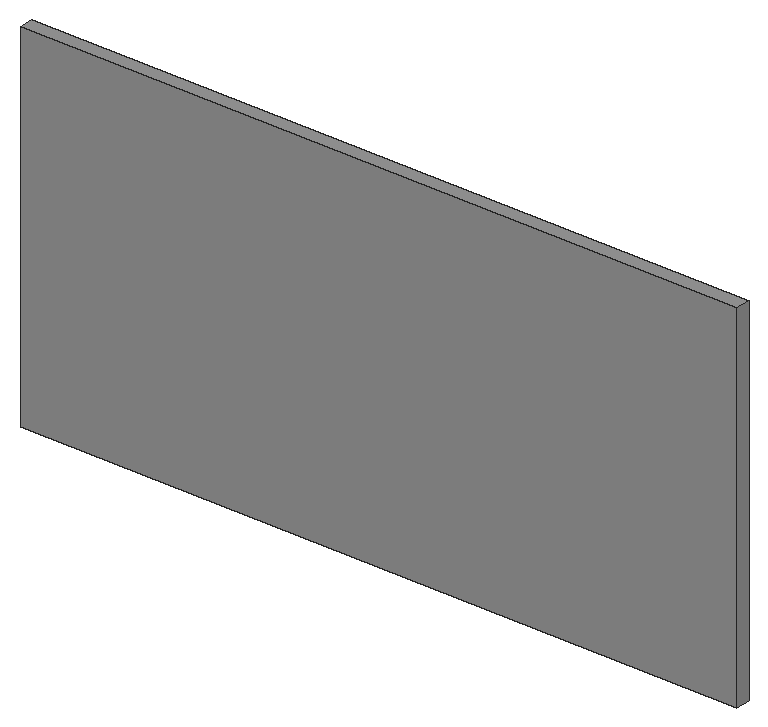
Revit family "Sound Silencer - Ceiling Baffles", category Generic Models, Revit 2016
Family settings
  Part Type = Normal
  Can host rebar = No
  Round Connector Dimension = Use Diameter
  Work Plane-Based = No
  Always vertical = Yes
  Cut with Voids When Loaded = No
  Shared = No
  Room Calculation Point = No
Parameters (values of type "24 x 48 - 1 INCH - Charcoal")
  ‍      1. Thickness 1" = Thickness Options = 1  # yes
  URL = "https://www.acousticalsurfaces.com/sound-silencer/baffle/"
  Thickness Options = 1
  T = if(Thickness Options = 0, 0' 0 1/2", 0' 0") + if(Thickness Options = 1, 0' 1", 0' 0") + if(Thickness Options = 2, 0' 2", 0' 0")  # 0' - 1"
  Material = "Sound Silencer"
  Manufacturer = "Acoustical Surfaces, Inc."
  Finish = Sound Silencer - Charcoal
  Width = 2' - 0"
  Length = 4' - 0"
  ‍      2. Thickness 2" = Thickness Options = 2  # no
  B = Width / 2  # 1' - 0"
Types (4): name | ‍      1. Thickness 1" | Thickness Options | T | Finish | ‍      2. Thickness 2"
  24 x 48 - 1 INCH - Charcoal | yes | 1 | 0' - 1" | Sound Silencer - Charcoal | no
  24 x 48 - 1 INCH - White | yes | 1 | 0' - 1" | Sound Silencer - White | no
  24 x 48 - 2 INCH - Charcoal | no | 2 | 0' - 2" | Sound Silencer - Charcoal | yes
  24 x 48 - 2 INCH - White | no | 2 | 0' - 2" | Sound Silencer - White | yes
Reference planes (in)
  plane 1 "Center (Front/Back)": y = 0
  plane 2: z = 0
  plane 3 "Center (Left/Right)": x = 0
Dimensions and locks (in)
  "B": nested 1 to level
  aligned and locked: level to plane 2
Nested families (in)
  nested 1: "Square" at (0, 0, 12) x (-1, 0, 0) z (0, -1, 0), type "Square"
    with A 4' - 0"
Definition of nested family "Square"
  Parameters (values of type "Square")
    Thickness = 0' - 1"
    Material = none
    Default Elevation = 4' - 0"
    B = 2' - 0"
    A = 8' - 0"
  Reference planes (in)
    plane 1 "Center (Front/Back)": y = 0
    plane 2: z = 0
    plane 3 "Center (Left/Right)": x = 0
    plane 4: x = -48
    plane 5: x = 48
    plane 6: y = 12
    plane 7: y = -12
    plane 8: z = 1
  Forms (in)
    Extrusion 1, solid, material <- "Material"
      sketch origin (0, 0, 0) x (1, 0, 0) y (0, 1, 0)
        loop
          line (48, 12) -> (-48, 12) -> (-48, -12) -> (48, -12) -> (48, 12)
      from 0 to 1
  Dimensions and locks (in)
    equal spacing: plane 4, plane 3 "Center (Left/Right)", plane 5
    equal spacing: plane 7, plane 1 "Center (Front/Back)", plane 6
    "B": plane 7 to plane 6
    "A": plane 4 to plane 5
    "Thickness": plane 8 to level
    aligned and locked: level to plane 2
    aligned and locked: Extrusion 1 sketch curve to plane 4
    aligned and locked: plane 5 to Extrusion 1 sketch curve
    aligned and locked: Extrusion 1 sketch curve to plane 6
    aligned and locked: Extrusion 1 sketch curve to plane 7
    aligned and locked: Extrusion 1 to plane 8
